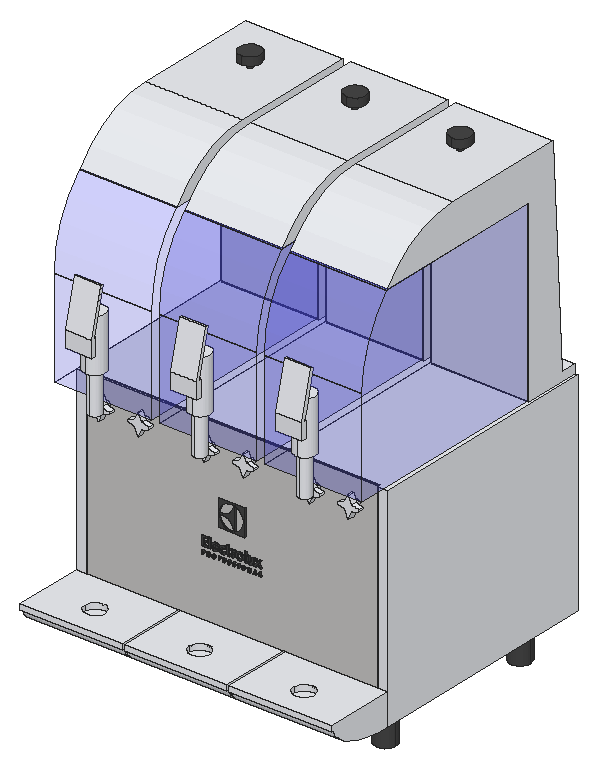
Revit family "QF_ELECTROLUXPROFESSIONAL_562550_IPRO3MLUVR290", category Attrezzature speciali, Revit 2020
Family settings
  Quota connettore circolare = Usa diametro
  Tipo di parte = Normale
  Basato su piano di lavoro = No
  Sempre verticale = Sì
  Taglio con vuoti quando caricato = No
  Condiviso = No
  Punto di calcolo locali = No
Parameters (values of type "Standard")
  Weight = 82.00 kg
  Watts = 1600 W
  Volts = 220 V
  URL Manufacturer = "https://www.electroluxprofessional.com/"
  URL = "https://www.electroluxprofessional.com/"
  Steam Supply Size = 0 mm
  Steam Supply Minimum Pressure = 0.0 Pa
  Steam Supply Maximum Pressure = 0.0 Pa
  Steam Consumption per Hour = 0
  Show Logo [instance] = yes
  Show Clearance [instance] = yes
  Refrigeration Suction Line Size = 0 mm
  Refrigeration Liquid Line Size = 0 mm
  Refrigerant Compressor Remote = yes
  Prospetto di default = 0 mm
  Produttore = "Electrolux Professional"
  Phase = 1
  Modello = "IPRO3MLUVR290"
  Length Actual = 600 mm  # constant formula
  Item Number = "562550"
  Hot Water Size = 0 mm
  Height Actual = 870 mm  # constant formula
  HP = "2.1 HP"
  Gas Size = 0 mm
  Gas KW = 0
  Gas Input Pressure = 0 W
  Direct Waste Size = 0 mm
  Descrizione = "3X11 LT BOWL - FROZEN GRANITA DISPENSER - MECHANICAL CONTROL & LIGHTED PANEL - 3 INSULATED BOWLS - UV LIGHT, R290"
  Depth Actual = 580 mm  # constant formula
  Cycle = 50 Hz
  Condensate Return Size = 0 mm
  Compressed Air Volume = 0.0 L/s
  Compressed Air Size = 0 mm
  Compressed Air Pressure = 0.0 Pa
  Cold Water Size = 0 mm
  Accessory = yes
Reference planes
  plane 1: z = 0
  plane 2 "LEFT": x = -300
  plane 3 "BACK": y = 282.5
  plane 4 "FRONT": y = -301.5
  plane 5: z = 873
  plane 6 "RIGHT": x = 300
  plane 7: y = -282.5
  plane 8: z = 445
  plane 9: z = 677.97
  plane 10: z = 110
  plane 11: z = 900
  plane 12: x = -0.5
  plane 13: x = -0.5
Forms (mm)
  Extrusion 1, solid, material "QF_Finishes_White"
    sketch origin (0, 0, 0) x (1, 0, 0) y (0, 1, 0)
      loop
        line (-296.5, 282.5) -> (-296.5, -167.5) -> (-276.5, -167.5) -> (-276.5, -162.5) -> (276.5, -162.5) -> (276.5, -167.5) -> (296.5, -167.5) -> (296.5, 282.5) -> (-296.5, 282.5)
    from 50 to 453
  Extrusion 2, solid, material "QF_Finishes_Stainless Steel"
    sketch origin (0, 0, 0) x (1, 0, 0) y (0, 1, 0)
      loop
        line (276, -163) -> (-276, -163) -> (-276, -167.5) -> (276, -167.5) -> (276, -163)
    from 110 to 453
  Extrusion 3, solid, material "QF_Finishes_Stainless Steel"
    sketch origin (-151.596, -267.273, 48) x (0, -1, 0) y (1, 0, 0)
      loop
        line (-163.023, 407.596) -> (-163.023, 427.596) -> (-183.023, 427.596) -> (-183.023, 407.596) -> (-163.023, 407.596)
    from 0 to 2
Dimensions and locks
  plane 3 "BACK" to plane 4 "FRONT" = 584 mm  (x2)
  plane 5 to level = 873 mm  (x2)
  plane 2 "LEFT" to plane 6 "RIGHT" = 600 mm
  plane 3 "BACK" to plane 7 = 565 mm
  plane 9 to plane 8 = 232.97 mm
  level to plane 11 = 900 mm
  plane 10 to level = 110 mm
  plane 8 to plane 10 = 335 mm
  plane 6 "RIGHT" to plane 2 "LEFT" = 600 mm
  plane 2 "LEFT" to plane 12 = 299.5 mm
  plane 2 "LEFT" to plane 13 = 299.5 mm
  nested 5 to nested 9 = 200 mm
  nested 9 to nested 17 = 200 mm
  aligned and locked: level to plane 1
Nested families
  nested 1: "BOCCHETTONE BEVERAGE" at (-200.5, -260.625, 445), type "BOCCHETTONE BEVERAGE"
  nested 2: "MANOPOLA BEVERAGE" at (-238, -167.5, 413) x (0, 0, 1) z (0, -1, 0), type "MANOPOLA BEVERAGE"
  nested 3: "MANOPOLA BEVERAGE" at (-163, -167.5, 413) x (0, 0, 1) z (0, -1, 0), type "MANOPOLA BEVERAGE"
  nested 4: "MANOPOLA APERTURA BEVERAGE " at (-200.5, 125, 873) x (0, 1, 0) z (0, 0, 1), type "MANOPOLA APERTURA BEVERAGE "
  nested 5: "PORTAGRANITE BEVERAGE" at (-200.5, 28.972, 453), type "PORTAGRANITE BEVERAGE"
  nested 6: "VASCHETTA BEVERAGE" at (-199.25, -167.5, 80) x (1, 0, 0) z (0, -1, 0), type "VASCHETTA BEVERAGE"
  nested 7: "VASCHETTA BEVERAGE" at (-0.5, -167.5, 80) x (-1, 0, 0) z (0, -1, 0), type "VASCHETTA BEVERAGE"
  nested 8: "MANOPOLA APERTURA BEVERAGE " at (-0.5, 125, 873) x (0, 1, 0) z (0, 0, 1), type "MANOPOLA APERTURA BEVERAGE "
  nested 9: "PORTAGRANITE BEVERAGE" at (-0.5, 28.972, 453) x (-1, 0, 0) z (0, 0, 1), type "PORTAGRANITE BEVERAGE"
  nested 10: "BOCCHETTONE BEVERAGE" at (-0.5, -260.625, 445), type "BOCCHETTONE BEVERAGE"
  nested 11: "MANOPOLA BEVERAGE" at (-38, -167.5, 413) x (0, 0, 1) z (0, -1, 0), type "MANOPOLA BEVERAGE"
  nested 12: "MANOPOLA BEVERAGE" at (37, -167.5, 413) x (0, 0, 1) z (0, -1, 0), type "MANOPOLA BEVERAGE"
  nested 13: "BOCCHETTONE BEVERAGE" at (199.5, -260.625, 445) x (-1, 0, 0) z (0, 0, 1), type "BOCCHETTONE BEVERAGE"
  nested 14: "MANOPOLA BEVERAGE" at (237, -167.5, 413) x (0, 0, 1) z (0, -1, 0), type "MANOPOLA BEVERAGE"
  nested 15: "MANOPOLA BEVERAGE" at (162, -167.5, 413) x (0, 0, 1) z (0, -1, 0), type "MANOPOLA BEVERAGE"
  nested 16: "MANOPOLA APERTURA BEVERAGE " at (199.5, 125, 873) x (0, 1, 0) z (0, 0, 1), type "MANOPOLA APERTURA BEVERAGE "
  nested 17: "PORTAGRANITE BEVERAGE" at (199.5, 28.972, 453) x (-1, 0, 0) z (0, 0, 1), type "PORTAGRANITE BEVERAGE"
  nested 18: "VASCHETTA BEVERAGE" at (198.25, -167.5, 80) x (-1, 0, 0) z (0, -1, 0), type "VASCHETTA BEVERAGE"
  nested 19: "ELXP_LOGO_ONLY_MEDIUM" at (-0.5, -167.5, 303) x (1, 0, 0) z (0, -1, 0), Show Logo <- "Show Logo", visible <- "Show Logo", type "ELXP_LOGO_ONLY_MEDIUM"
    with Show Logo yes
  nested 20: "ELX_LOGO_WORDS_MEDIUM" at (-0.5, -167.5, 238) x (1, 0, 0) z (0, -1, 0), visible <- "Show Logo", Show Logo <- "Show Logo", type "ELX_LOGO_WORDS_MEDIUM"
    with Show Logo yes
  nested 21: "Piedino 50x40 BEVERAGE" at (-266, 184.5, 0), type "Piedino 50x40 BEVERAGE"
    with H 150 mm
  nested 22: "Piedino 50x40 BEVERAGE" at (-266, -135.5, 0), type "Piedino 50x40 BEVERAGE"
    with H 150 mm
  nested 23: "Piedino 50x40 BEVERAGE" at (266, 184.5, 0), type "Piedino 50x40 BEVERAGE"
    with H 150 mm
  nested 24: "Piedino 50x40 BEVERAGE" at (266, -135.5, 0), type "Piedino 50x40 BEVERAGE"
    with H 150 mm
Connectors
  electrical at (266, -94.25, 48), driven by "Volts"
    settings: on Extrusion 3, index 73, voltage 220 V, apparent load 0 VA, apparent load phase1 0 VA, apparent load phase2 0 VA, apparent load phase3 0 VA, power factor 1, load classification "Altro", number of poles 1, system type 30, power factor state 1, is connector primary yes, connector utility no, sub classification motor no, connector description "Electrical Connection"
Definition of nested family "BOCCHETTONE BEVERAGE"
  Parameters (values of type "BOCCHETTONE BEVERAGE")
    Default Elevation = 1219.2 mm
  Reference planes
    plane 1 "Centro (Fronte/Retro)": y = 0
    plane 2: z = 0
    plane 3 "Centro (Sinistra/Destra)": x = 0
    plane 4: z = 233
    plane 5: y = -22
  Forms (mm)
    Extrusion 1, solid
      sketch origin (0, 0, 0) x (1, 0, 0) y (0, 1, 0)
        loop
          line (-1219.2, 1219.2) -> (-1219.2, -1219.2) -> (1219.2, -1219.2) -> (1219.2, 1219.2) -> (-1219.2, 1219.2)
      from 0 to -304.8
    Extrusion 2, solid
      sketch origin (0, 15.961, 0) x (0, -1, 0) y (1, 0, 0)
        loop
          circle (0, 0) r 12
      from 0 to 75
    Extrusion 3, solid
      sketch origin (0, 15.961, 75) x (0, -1, 0) y (1, 0, 0)
        loop
          circle (0, 0) r 20
      from 0 to 100
    Extrusion 4, void
      sketch origin (0, 0, 0) x (1, 0, 0) y (0, 1, 0)
        loop
          line (-27.179, -16.141) -> (-21.226, -10.188) -> (-6.226, -10.188) -> (-6.226, 12.684) -> (-27.179, 12.684) -> (-27.179, -16.141)
        loop
          line (27.179, -16.141) -> (27.179, 12.684) -> (6.226, 12.684) -> (6.226, -10.188) -> (21.226, -10.188) -> (27.179, -16.141)
      from 104.337 to 159.894
    Extrusion 5, solid
      sketch origin (25, 15.961, 29.221) x (0, -1, 0) y (0, 0, 1)
        loop
          line (11.922, 118.779) -> (11.922, 88.779) -> (37.961, 88.779) -> (37.961, 119.393) -> (16.929, 203.749) -> (12.077, 202.539) -> (32.961, 118.779) -> (11.922, 118.779)
      from 0 to 50
  Cuts and joins
    Extrusion 4 cuts Extrusion 5
    joined: Extrusion 3, Extrusion 5
  Dimensions and locks
    Extrusion 1 to plane 4 = 233 mm
    aligned and locked: plane 2 to Extrusion 1
    aligned and locked: level to Extrusion 1
Definition of nested family "MANOPOLA BEVERAGE"
  Parameters (values of type "MANOPOLA BEVERAGE")
    Default Elevation = 1219.2 mm
  Reference planes
    plane 1 "Centro (Fronte/Retro)": y = 0
    plane 2: z = 0
    plane 3 "Centro (Sinistra/Destra)": x = 0
    plane 4: z = 20
  Forms (mm)
    Extrusion 1, solid
      sketch origin (0, 0, 0) x (1, 0, 0) y (0, 1, 0)
        loop
          line (-1219.2, 1219.2) -> (-1219.2, -1219.2) -> (1219.2, -1219.2) -> (1219.2, 1219.2) -> (-1219.2, 1219.2)
      from 0 to -304.8
    Extrusion 2, solid
      sketch origin (0, 0, 10) x (1, 0, 0) y (0, 1, 0)
        loop
          line (-20, -1.333) -> (-6.314, -6.314) -> (-1.333, -20) -> (1.333, -20) -> (6.314, -6.314) -> (20, -1.333) -> (20, 1.333) -> (6.314, 6.314) -> (1.333, 20) -> (-1.333, 20) -> (-6.314, 6.314) -> (-20, 1.333) -> (-20, -1.333)
      from 0 to 10
    Extrusion 3, solid
      sketch origin (0, 0, 0) x (1, 0, 0) y (0, 1, 0)
        loop
          circle (0, 0) r 5
      from 0 to 10
  Dimensions and locks
    aligned and locked: plane 2 to Extrusion 1
    aligned and locked: level to Extrusion 1
Definition of nested family "MANOPOLA APERTURA BEVERAGE "
  Parameters (values of type "MANOPOLA APERTURA BEVERAGE ")
    Default Elevation = 1219.2 mm
  Reference planes
    plane 1 "Centro (Fronte/Retro)": y = 0
    plane 2: z = 0
    plane 3 "Centro (Sinistra/Destra)": x = 0
    plane 4: z = 27
  Forms (mm)
    Extrusion 1, solid
      sketch origin (0, 0, 0) x (1, 0, 0) y (0, 1, 0)
        loop
          line (-1219.2, 1219.2) -> (-1219.2, -1219.2) -> (1219.2, -1219.2) -> (1219.2, 1219.2) -> (-1219.2, 1219.2)
      from 0 to -304.8
    Extrusion 2, solid
      sketch origin (0, 0, 0) x (1, 0, 0) y (0, 1, 0)
        loop
          circle (0, 0) r 5
      from 0 to 12
    Extrusion 3, solid
      sketch origin (0, 0, 12) x (1, 0, 0) y (0, 1, 0)
        loop
          circle (0, 0) r 20
      from 0 to 15
  Dimensions and locks
    Extrusion 1 to plane 4 = 27 mm
    aligned and locked: plane 2 to Extrusion 1
    aligned and locked: level to Extrusion 1
Definition of nested family "PORTAGRANITE BEVERAGE"
  Parameters (values of type "PORTAGRANITE BEVERAGE")
    Default Elevation = 1219.2 mm
  Reference planes
    plane 1 "Centro (Fronte/Retro)": y = 0
    plane 2: z = 0
    plane 3 "Centro (Sinistra/Destra)": x = 0
    plane 4: z = 233
    plane 5: y = -36.472
    plane 6: z = 338
  Forms (mm)
    Extrusion 1, solid
      sketch origin (0, 0, 0) x (1, 0, 0) y (0, 1, 0)
        loop
          line (-1219.2, 1219.2) -> (-1219.2, -1219.2) -> (1219.2, -1219.2) -> (1219.2, 1219.2) -> (-1219.2, 1219.2)
      from 0 to -304.8
    Extrusion 2, solid
      sketch origin (-92.5, -28.972, -376) x (0, 1, 0) y (0, 0, 1)
        loop
          line (172.5, 716) -> (172.5, 376) -> (282.5, 376) -> (282.5, 393) -> (251.241, 393) -> (230.12, 796) -> (-7.5, 796)
          arc (-7.5, 796) -> (-94.678, 774.819) -> (-162.419, 716) r 190
          line (-162.419, 716) -> (172.5, 716)
      from 0 to 185
    Extrusion 3, solid
      sketch origin (-100, -28.972, -376) x (0, 1, 0) y (0, 0, 1)
        loop
          line (170.5, 378) -> (170.5, 714) -> (-164.355, 714)
          arc (-164.355, 714) -> (-209.023, 644.734) -> (-224.664, 563.812) r 217.164
          line (-224.664, 563.812) -> (-224.664, 378) -> (170.5, 378)
      from 7.5 to 192.5
  Dimensions and locks
    Extrusion 1 to plane 4 = 233 mm
    aligned and locked: plane 2 to Extrusion 1
    aligned and locked: level to Extrusion 1
Definition of nested family "VASCHETTA BEVERAGE"
  Parameters (values of type "VASCHETTA BEVERAGE")
    Default Elevation = 1219.2 mm
  Reference planes
    plane 1 "Centro (Fronte/Retro)": y = 0
    plane 2: z = 0
    plane 3 "Centro (Sinistra/Destra)": x = 0
  Forms (mm)
    Extrusion 1, solid
      sketch origin (0, 0, 0) x (1, 0, 0) y (0, 1, 0)
        loop
          line (-1219.2, 1219.2) -> (-1219.2, -1219.2) -> (1219.2, -1219.2) -> (1219.2, 1219.2) -> (-1219.2, 1219.2)
      from 0 to -304.8
    Extrusion 2, solid
      sketch origin (-97.5, -80, -167.5) x (0, 0, -1) y (0, 1, 0)
        loop
          line (-167.5, 110) -> (-301.5, 110) -> (-301.5, 100) -> (-296.403, 100)
          spline (-296.403, 100) -> (-294.717, 93.399) -> (-290.961, 86.937) -> (-285.195, 80.722) -> (-277.513, 74.853) -> (-268.041, 69.426) -> (-256.932, 64.529) -> (-244.367, 60.243) -> (-230.551, 56.637) -> (-215.709, 53.769) -> (-200.082, 51.686) -> (-183.925, 50.423) -> (-167.5, 50)
          line (-167.5, 50) -> (-167.5, 110)
      from 0 to 195
    Extrusion 3, void
      sketch origin (202.5, -80, -167.5) x (1, 0, 0) y (0, 0, -1)
        loop
          circle (-202.5, -244.664) r 20
      from 100 to 110
  Cuts and joins
    Extrusion 3 cuts Extrusion 2
  Dimensions and locks
    aligned and locked: plane 2 to Extrusion 1
    aligned and locked: level to Extrusion 1
Definition of nested family "ELXP_LOGO_ONLY_MEDIUM"
  Parameters (values of type "ELXP_LOGO_ONLY_MEDIUM")
    Show Logo [instance] = yes
    Default Elevation = 0 mm
  Reference planes
    plane 1 "Centro (Fronte/Retro)": y = 0
    plane 2: z = 0
    plane 3 "Centro (Sinistra/Destra)": x = 0
  Forms (mm)
    Extrusion 1, solid
      sketch origin (0, 0, 0) x (1, 0, 0) y (0, 1, 0)
        loop
          line (-1219.2, 1219.2) -> (-1219.2, -1219.2) -> (1219.2, -1219.2) -> (1219.2, 1219.2) -> (-1219.2, 1219.2)
      from 0 to -304.8
    Extrusion 2, solid, visible <- "Show Logo"
      sketch origin (15.862, -72.798, 0) x (1, 0, 0) y (0, 1, 0)
        loop
          line (-40.901, 47.952) -> (9.138, 47.952) -> (9.138, 97.923) -> (-40.901, 97.923) -> (-40.901, 47.952)
        loop
          line (-9.2, 95.47) -> (-9.2, 50.507)
          arc (-9.2, 50.507) -> (7.421, 72.988) -> (-9.2, 95.47) r 23.515
        loop
          line (-11.486, 92.214) -> (-11.486, 95.47)
          arc (-11.486, 95.47) -> (-30.185, 91.22) -> (-39.194, 74.292) r 23.044
          line (-39.194, 74.292) -> (-31.756, 74.292)
          arc (-31.756, 74.292) -> (-18.467, 79.686) -> (-11.486, 92.214) r 21.599
        loop
          arc (-39.194, 71.685) -> (-30.2, 54.618) -> (-11.486, 49.93) r 23.647
          line (-11.486, 49.93) -> (-11.486, 53.763)
          arc (-11.486, 53.763) -> (-18.467, 66.291) -> (-31.756, 71.685) r 21.599
          line (-31.756, 71.685) -> (-39.194, 71.685)
      from 0 to 1.644
  Dimensions and locks
    aligned and locked: plane 2 to Extrusion 1
    aligned and locked: level to Extrusion 1
Definition of nested family "ELX_LOGO_WORDS_MEDIUM"
  Parameters (values of type "ELX_LOGO_WORDS_MEDIUM")
    Show Logo [instance] = yes
    Default Elevation = 0 mm
  Reference planes
    plane 1 "Centro (Fronte/Retro)": y = 0
    plane 2: z = 0
    plane 3 "Centro (Sinistra/Destra)": x = 0
  Forms (mm)
    Extrusion 1, solid
      sketch origin (0, 0, 0) x (1, 0, 0) y (0, 1, 0)
        loop
          line (-1219.2, 1219.2) -> (-1219.2, -1219.2) -> (1219.2, -1219.2) -> (1219.2, 1219.2) -> (-1219.2, 1219.2)
      from 0 to -304.8
    Extrusion 2, solid, visible <- "Show Logo"
      sketch origin (0, 0, 0) x (1, 0, 0) y (0, 1, 0)
        loop
          line (-45.351, 15.842) -> (-56.505, 15.842) -> (-56.505, 2.853)
          arc (-56.505, 2.853) -> (-55.037, -0.691) -> (-51.493, -2.159) r 5.012
          line (-51.493, -2.159) -> (-45.135, -2.159) -> (-45.135, 0.755) -> (-50.767, 0.755)
          arc (-50.767, 0.755) -> (-52.618, 1.38) -> (-53.406, 3.168) r 2.423
          line (-53.406, 3.168) -> (-53.406, 5.743) -> (-45.833, 5.743) -> (-45.833, 8.668) -> (-53.406, 8.668) -> (-53.406, 12.925) -> (-45.351, 12.925) -> (-45.351, 15.842)
        loop
          line (-42.933, 15.842) -> (-42.933, -2.159) -> (-39.832, -2.159) -> (-39.832, 15.842) -> (-42.933, 15.842)
        loop
          line (24.405, 15.842) -> (24.405, -2.159) -> (27.508, -2.159) -> (27.508, 15.842) -> (24.405, 15.842)
        loop
          line (-34.705, 3.589) -> (-24.531, 3.589)
          arc (-24.531, 3.589) -> (-26.123, 9.178) -> (-31.565, 11.217) r 6.447
          arc (-31.565, 11.217) -> (-36.358, 8.786) -> (-37.726, 3.589) r 6.56
          arc (-37.726, 3.589) -> (-35.926, -0.757) -> (-31.58, -2.557) r 6.146
          arc (-31.58, -2.557) -> (-28.198, -2.058) -> (-25.362, -0.149) r 7.726
          line (-25.362, -0.149) -> (-27.199, 1.688)
          arc (-27.199, 1.688) -> (-29.61, 0.242) -> (-32.411, 0.485) r 4.558
          arc (-32.411, 0.485) -> (-34.119, 1.622) -> (-34.705, 3.589) r 3.019
        loop
          line (-34.628, 5.769) -> (-27.646, 5.769)
          arc (-27.646, 5.769) -> (-28.626, 7.83) -> (-30.779, 8.59) r 2.974
          arc (-30.779, 8.59) -> (-33.263, 7.943) -> (-34.628, 5.769) r 3.481
        loop
          line (-12.445, 7.067) -> (-10.499, 9.013)
          arc (-10.499, 9.013) -> (-12.94, 10.78) -> (-15.907, 11.309) r 6.746
          arc (-15.907, 11.309) -> (-20.432, 9.655) -> (-22.806, 5.463) r 6.977
          arc (-22.806, 5.463) -> (-18.803, -1.885) -> (-10.608, -0.191) r 7.026
          line (-10.608, -0.191) -> (-12.544, 1.745)
          arc (-12.544, 1.745) -> (-16.723, 0.362) -> (-19.717, 3.589) r 4.071
          arc (-19.717, 3.589) -> (-19.509, 6.14) -> (-17.752, 8.002) r 3.867
          arc (-17.752, 8.002) -> (-14.941, 8.431) -> (-12.445, 7.067) r 4.442
        loop
          line (-8.594, 15.842) -> (-8.594, 3.541)
          arc (-8.594, 3.541) -> (-8.326, 1.695) -> (-7.635, -0.038) r 7.951
          arc (-7.635, -0.038) -> (-5.422, -1.797) -> (-2.62, -2.167) r 5.297
          line (-2.62, -2.167) -> (-2.62, 0.738)
          arc (-2.62, 0.738) -> (-3.453, 0.802) -> (-4.23, 1.109) r 2.792
          arc (-4.23, 1.109) -> (-5.227, 2.163) -> (-5.494, 3.589) r 2.57
          line (-5.494, 3.589) -> (-5.494, 8.043) -> (-2.678, 8.043) -> (-2.678, 10.86) -> (-5.494, 10.86) -> (-5.494, 15.842) -> (-8.594, 15.842)
        loop
          arc (3.006, 4.684) -> (3.228, 5.982) -> (3.868, 7.133) r 3.911
          arc (3.868, 7.133) -> (5.725, 8.086) -> (7.812, 8.043) r 4.26
          line (7.812, 8.043) -> (7.812, 11.023)
          arc (7.812, 11.023) -> (5.085, 10.766) -> (3.006, 8.983) r 4.524
          line (3.006, 8.983) -> (3.006, 10.86) -> (-0.069, 10.86) -> (-0.069, -2.159) -> (3.006, -2.159) -> (3.006, 4.684)
        loop
          circle (15.393, 4.348) r 6.899
        loop
          circle (15.393, 4.348) r 4.181
        loop
          arc (38.69, 3.262) -> (37.924, 1.158) -> (35.848, 0.319) r 2.752
          arc (35.848, 0.319) -> (33.771, 1.158) -> (33.005, 3.262) r 2.752
          line (33.005, 3.262) -> (33.005, 10.859) -> (29.879, 10.859) -> (29.879, 3.004)
          arc (29.879, 3.004) -> (31.658, -1.052) -> (35.848, -2.489) r 5.512
          arc (35.848, -2.489) -> (40.084, -1.008) -> (41.815, 3.132) r 5.512
          line (41.815, 3.132) -> (41.815, 10.859) -> (38.69, 10.859) -> (38.69, 3.262)
        loop
          line (43.689, 10.859) -> (48.192, 4.746) -> (43.245, -2.164) -> (46.578, -2.164) -> (49.861, 2.422) -> (53.193, -2.164) -> (56.505, -2.164) -> (51.629, 4.817) -> (56.087, 10.859) -> (52.703, 10.859) -> (49.851, 6.995) -> (47.043, 10.859) -> (43.689, 10.859)
        loop
          line (-53.813, -9.621) -> (-56.285, -9.621) -> (-56.285, -15.847) -> (-54.932, -15.847) -> (-54.932, -13.703) -> (-53.437, -13.703)
          arc (-53.437, -13.703) -> (-51.764, -11.49) -> (-53.813, -9.621) r 2.058
        loop
          arc (-53.496, -12.48) -> (-52.984, -11.679) -> (-53.496, -10.879) r 0.881
          line (-53.496, -10.879) -> (-54.932, -10.879) -> (-54.932, -12.48) -> (-53.496, -12.48)
        loop
          line (-44.045, -9.621) -> (-46.56, -9.621) -> (-46.56, -15.847) -> (-45.207, -15.847) -> (-45.207, -13.703) -> (-43.898, -13.703) -> (-43.003, -15.847) -> (-41.55, -15.847) -> (-42.774, -13.222)
          arc (-42.774, -13.222) -> (-42.188, -12.521) -> (-41.991, -11.628) r 1.922
          arc (-41.991, -11.628) -> (-42.609, -10.206) -> (-44.045, -9.621) r 2.055
        loop
          line (-45.207, -10.879) -> (-45.207, -12.48) -> (-43.771, -12.48)
          arc (-43.771, -12.48) -> (-43.258, -11.679) -> (-43.771, -10.879) r 0.881
          line (-43.771, -10.879) -> (-45.207, -10.879)
        loop
          circle (-33.602, -12.734) r 3.233
        loop
          circle (-33.602, -12.734) r 2.052
        loop
          line (-25.054, -9.622) -> (-25.054, -15.847) -> (-23.734, -15.847) -> (-23.734, -13.671) -> (-21.392, -13.671) -> (-21.392, -12.276) -> (-23.734, -12.276) -> (-23.734, -10.963) -> (-21.167, -10.963) -> (-21.167, -9.622) -> (-25.054, -9.622)
        loop
          line (-15.917, -9.622) -> (-15.917, -13.825)
          arc (-15.917, -13.825) -> (-15.343, -15.249) -> (-13.926, -15.842) r 1.991
          line (-13.926, -15.842) -> (-11.917, -15.842) -> (-11.917, -14.666) -> (-13.806, -14.666)
          arc (-13.806, -14.666) -> (-14.501, -14.091) -> (-14.638, -13.198) r 1.267
          line (-14.638, -13.198) -> (-12.15, -13.198) -> (-12.15, -12.023) -> (-14.638, -12.023) -> (-14.638, -10.797) -> (-11.977, -10.797) -> (-11.977, -9.622) -> (-15.917, -9.622)
        loop
          arc (6.626, -10.41) -> (5.801, -9.733) -> (4.757, -9.518) r 2.228
          arc (4.757, -9.518) -> (3.792, -9.755) -> (2.999, -10.352) r 2.468
          arc (2.999, -10.352) -> (2.853, -11.766) -> (3.765, -12.856) r 1.825
          arc (3.765, -12.856) -> (4.531, -13.112) -> (5.259, -13.464) r 6.301
          arc (5.259, -13.464) -> (5.719, -14.005) -> (5.402, -14.641) r 0.645
          arc (5.402, -14.641) -> (4.814, -14.78) -> (4.228, -14.631) r 1.269
          arc (4.228, -14.631) -> (3.722, -14.266) -> (3.412, -13.725) r 1.474
          line (3.412, -13.725) -> (2.324, -14.233)
          arc (2.324, -14.233) -> (2.716, -14.99) -> (3.348, -15.561) r 2.393
          arc (3.348, -15.561) -> (4.065, -15.867) -> (4.841, -15.945) r 2.579
          arc (4.841, -15.945) -> (5.8, -15.754) -> (6.664, -15.295) r 3.369
          arc (6.664, -15.295) -> (7.045, -14.28) -> (6.848, -13.214) r 2.023
          arc (6.848, -13.214) -> (6.423, -12.723) -> (5.879, -12.368) r 2.346
          arc (5.879, -12.368) -> (5.19, -12.061) -> (4.485, -11.796) r 12.353
          arc (4.485, -11.796) -> (4.077, -11.162) -> (4.666, -10.692) r 0.562
          arc (4.666, -10.692) -> (5.372, -10.862) -> (5.915, -11.344) r 1.497
          line (5.915, -11.344) -> (6.626, -10.41)
        loop
          line (12.337, -9.622) -> (12.337, -15.842) -> (13.616, -15.842) -> (13.616, -9.622) -> (12.337, -9.622)
        loop
          circle (22.24, -12.732) r 1.935
        loop
          circle (22.24, -12.732) r 3.231
        loop
          line (30.821, -15.842) -> (32.114, -15.842) -> (32.114, -11.931) -> (34.96, -15.842) -> (36.203, -15.842) -> (36.203, -9.622) -> (34.911, -9.622) -> (34.911, -13.651) -> (32.065, -9.622) -> (30.821, -9.622) -> (30.821, -15.842)
        loop
          line (42.652, -15.842) -> (43.258, -14.5) -> (45.559, -14.5) -> (46.165, -15.842) -> (47.54, -15.842) -> (44.912, -9.622) -> (43.712, -9.622) -> (41.279, -15.842) -> (42.652, -15.842)
        loop
          line (44.985, -13.224) -> (44.369, -11.857) -> (43.77, -13.224) -> (44.985, -13.224)
        loop
          line (53.893, -14.666) -> (53.893, -9.622) -> (52.614, -9.622) -> (52.614, -15.842) -> (56.285, -15.842) -> (56.285, -14.666) -> (53.893, -14.666)
        loop
          arc (-2.701, -10.41) -> (-3.525, -9.733) -> (-4.57, -9.518) r 2.228
          arc (-4.57, -9.518) -> (-5.534, -9.755) -> (-6.327, -10.352) r 2.468
          arc (-6.327, -10.352) -> (-6.473, -11.766) -> (-5.562, -12.856) r 1.825
          arc (-5.562, -12.856) -> (-4.795, -13.112) -> (-4.067, -13.464) r 6.301
          arc (-4.067, -13.464) -> (-3.608, -14.005) -> (-3.924, -14.641) r 0.645
          arc (-3.924, -14.641) -> (-4.512, -14.78) -> (-5.098, -14.631) r 1.269
          arc (-5.098, -14.631) -> (-5.604, -14.266) -> (-5.914, -13.725) r 1.474
          line (-5.914, -13.725) -> (-7.002, -14.233)
          arc (-7.002, -14.233) -> (-6.61, -14.99) -> (-5.978, -15.561) r 2.393
          arc (-5.978, -15.561) -> (-5.261, -15.867) -> (-4.485, -15.945) r 2.579
          arc (-4.485, -15.945) -> (-3.526, -15.754) -> (-2.663, -15.295) r 3.369
          arc (-2.663, -15.295) -> (-2.281, -14.28) -> (-2.478, -13.214) r 2.023
          arc (-2.478, -13.214) -> (-2.903, -12.723) -> (-3.448, -12.368) r 2.346
          arc (-3.448, -12.368) -> (-4.136, -12.061) -> (-4.842, -11.796) r 12.353
          arc (-4.842, -11.796) -> (-5.249, -11.162) -> (-4.66, -10.692) r 0.562
          arc (-4.66, -10.692) -> (-3.954, -10.862) -> (-3.412, -11.344) r 1.497
          line (-3.412, -11.344) -> (-2.701, -10.41)
      from 0 to 1.644
  Dimensions and locks
    aligned and locked: plane 2 to Extrusion 1
    aligned and locked: level to Extrusion 1
Definition of nested family "Piedino 50x40 BEVERAGE"
  Parameters (values of type "Piedino 50x40 BEVERAGE")
    Default Elevation = 0 mm
    H [instance] = 150 mm
  Reference planes
    plane 1 "Centro (Fronte/Retro)": y = 0
    plane 2: z = 0
    plane 3 "Centro (Sinistra/Destra)": x = 0
  Forms (mm)
    Revolve 1, solid
      sketch origin (55, 0, 0) x (-1, 0, 0) y (0, 0, -1)
        loop
          line (55, 0) -> (35, 0) -> (35, -50) -> (55, -50) -> (55, 0)
        axis (55, 0) -> (55, -50)
      angle from 0 to 360
  Dimensions and locks
    aligned and locked: level to plane 2
